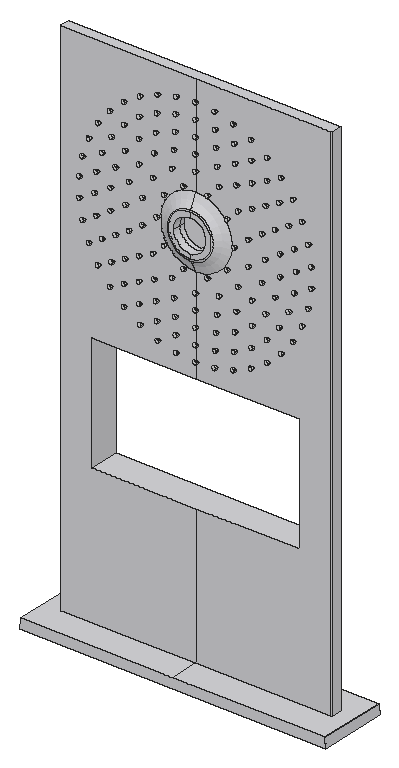
Revit family "Shower-Wall_Mount_Showerhead-KOHLER-BEITOU-K-72830T_1", category Plumbing Fixtures, host Face, Revit 2017
Family settings
  Host = Face
  Round Connector Dimension = Use Diameter
  Part Type = Normal
  OmniClass Number = 23.31.17.00
  Cut with Voids When Loaded = No
  Shared = No
  Room Calculation Point = No
Parameters (values of type "CP-Polished Chrome")
  Width = 12 103/256"  # constant formula
  WaterSense Certified = 1 = 0  # no
  Waste Water Outlet = "Waste Water Outlet"  # constant formula
  Waste Connection = 1 = 0  # no
  Vent Connection = 1 = 0  # no
  URL = "http://www.kohler.com.cn/"
  Type = 1
  Hot Water Inlet 2 = "Tempered Water Inlet 2"  # constant formula
  Hot Water Inlet 1 = "Tempered Water Inlet 1"  # constant formula
  Product Page URL = "https://www.kohler.com.cn/product/K-72830T-L-CP/K-72830T-L-CP/"
  Product Name = "BEITOU"  # constant formula
  Product Documentation Link = "https://files.kohler.com.cn/pdfs/ri-72830T.pdf"
  Pressure = 0.00 psi
  Panel Thickness = 0"
  Model = "K-72830T-L-CP"  # constant formula
  Material = "Premium Metal Construction"  # constant formula
  Master Format 2014 Name = "Residential Showers"  # constant formula
  Master Format 2014 = "22 42 23"  # constant formula
  Manufacturer Address = "Kohler Beijing Office (100016) 36-2-03-B, No. 88, Liuxiang Road, Beijing"  # constant formula
  Manufacturer = "KOHLER Co."  # constant formula
  Length = 21 41/64"  # constant formula
  Hot Water Inlet = "Tempered Water Inlet"  # constant formula
  Height = 2 97/128"  # constant formula
  HW Connection = 1 = 1  # yes
  Flow Rate = 0 GPM
  Finish = Kohler-Metal-CP-Polished_Chrome
  Environmental Product Declaration = ""
  Drain Included = 1 = 0  # no
  Description = "Manda multifunctional overhead shower"  # constant formula
  Default Elevation = 84"
  Declare Label = ""
  Date Modified = "09/28/2020"  # constant formula
  Date Created = "09/28/2020"  # constant formula
  Copyright = "Copyright KOHLER Co."  # constant formula
  Contact Us = "http://www.kohler.com.cn/contact/contact-us/"
  Cold Water Inlet = "Cold Water Inlet"  # constant formula
  CW Connection = 1 = 0  # no
  Assembly Code = "D2010700"
  ADA Compliant = 1 = 0  # no
Reference planes (in)
  plane 1 "Center (Front/Back)": y = 0
  plane 2: z = 0
  plane 3 "Center (Left/Right)": x = 0
  plane 4: z = 21.64062
  plane 5: x = -5.51181
  plane 6: x = 5.51181
  plane 7: x = -6.20079
  plane 8: x = 6.20156
  plane 9: y = -1.37857
  plane 10: y = 1.37924
  plane 11: y = 1.01446
  plane 12: x = -4.70472
  plane 13: y = 0.2388
  plane 14: y = -0.19427
  plane 15: y = -0.50222
  plane 16: x = 4.70472
  plane 17: y = -0.25591
  plane 18: z = 0.3937
  plane 19: z = 16.08268
  plane 20: x = -2.06693
  plane 21: x = 2.06693
Dimensions and locks (in)
  "Width": plane 7 to plane 8
  "Height": plane 10 to plane 9
  "Length": level to plane 4
  plane 5 to plane 6 = 11.02362"
  plane 20 to plane 3 "Center (Left/Right)" = 2.06693"
  plane 21 to plane 3 "Center (Left/Right)" = 2.06693"
  aligned and locked: plane 2 to host face
  aligned and locked: level to host face
Automatic sketch dimensions
  host sketch curve to host sketch curve = 96"  (x2)
Nested families (in)
  nested 1: "K-72830T" at (0, -0.00923, 0), type "K-72830T"
Connectors (in)
  piping at (2.06693, 0, 0), diameter 0.5, driven by "HW Connection", driven by "Hot Water Inlet 2", driven by "Flow Rate"
    settings: on nested 1, index 1, connector inside diameter 24", connector length 0", flow factor 0, pipe flow 0 GPM, pressure drop 0.00 psi, fitting loss kfactor 0, connector angle 0.00°, fixture units 0, engagement length 0", angle of deflection 0.00°, flow configuration 0, flow direction 1, fitting loss method 0, system type 19, joint type 0, gender type 0, connector reference index -1, connector utility 1, adjustable connector no, is connector primary yes, connector description "Tempered Water Inlet 2"
  piping at (0, 0, 0), diameter 0.5, driven by "HW Connection", driven by "Hot Water Inlet 1", driven by "Flow Rate"
    settings: on nested 1, index 2, connector inside diameter 24", connector length 0", flow factor 0, pipe flow 0 GPM, pressure drop 0.00 psi, fitting loss kfactor 0, connector angle 0.00°, fixture units 0, engagement length 0", angle of deflection 0.00°, flow configuration 0, flow direction 1, fitting loss method 0, system type 19, joint type 0, gender type 0, connector reference index -1, connector utility 1, adjustable connector no, is connector primary no, connector description "Tempered Water Inlet 1"
  piping at (-2.06693, 0, 0), diameter 0.5, driven by "HW Connection", driven by "Hot Water Inlet", driven by "Flow Rate"
    settings: on nested 1, index 3, connector inside diameter 24", connector length 0", flow factor 0, pipe flow 0 GPM, pressure drop 0.00 psi, fitting loss kfactor 0, connector angle 0.00°, fixture units 0, engagement length 0", angle of deflection 0.00°, flow configuration 0, flow direction 1, fitting loss method 0, system type 19, joint type 0, gender type 0, connector reference index -1, connector utility 1, adjustable connector no, is connector primary no, connector description "Tempered Water Inlet"
Definition of nested family "K-72830T"
  Parameters (values of type "K-72830T")
    Plastic = none
    Material = none
  Reference planes (in)
    plane 1 "Center (Front/Back)": y = 0.00923
    plane 2: z = 0
    plane 3 "Center (Left/Right)": x = 0
    plane 4: z = 21.64173
    plane 5: x = -5.51181
    plane 6: x = 5.51181
    plane 7: x = 6.20079
    plane 8: x = -6.20079
    plane 9: y = 1.38779
    plane 10: z = 16.08296
    plane 11: z = 16.08268
    plane 12: y = -1.36934
  Forms (in)
    Extrusion 1, solid, material <- "Material", detail levels medium+fine
      sketch origin (0, 0.00923, 0) x (1, 0, 0) y (0, 0, 1)
        loop
          line (6.20079, 0) -> (6.18113, 0.37505)
          arc (6.18113, 0.37505) -> (6.17458, 0.38872) -> (6.16026, 0.3937) r 0.01972
          line (6.16026, 0.3937) -> (0, 0.3937) -> (-6.16026, 0.3937)
          arc (-6.16026, 0.3937) -> (-6.17458, 0.38872) -> (-6.18113, 0.37505) r 0.01972
          line (-6.18113, 0.37505) -> (-6.20079, 0) -> (6.20079, 0)
      from -1.37088 to 1.37857
    Extrusion 2, solid, material <- "Material", detail levels medium+fine
      sketch origin (0, 0, 0) x (1, 0, 0) y (0, 1, 0)
        loop
          line (-5.51181, 0.24803) -> (-5.51181, -0.14707)
          arc (-5.51181, -0.14707) -> (-5.50069, -0.17392) -> (-5.47384, -0.18504) r 0.03797
          line (-5.47384, -0.18504) -> (0, -0.18504) -> (5.47384, -0.18504)
          arc (5.47384, -0.18504) -> (5.50069, -0.17392) -> (5.51181, -0.14707) r 0.03797
          line (5.51181, -0.14707) -> (5.51181, 0.24803) -> (0, 0.24803) -> (-5.51181, 0.24803)
      from 0.3937 to 21.64173
    Extrusion 3, solid, material <- "Material", detail levels medium+fine
      sketch origin (0, 0, 0) x (0, 1, 0) y (0, 0, 1)
        loop
          line (0.24803, 0.3937) -> (1.02369, 0.3937) -> (1.02369, 17.86403)
          arc (1.02369, 17.86403) -> (1.01423, 18.24509) -> (0.98586, 18.62522) r 7.67735
          arc (0.98586, 18.62522) -> (0.73191, 19.96935) -> (0.24803, 21.24882) r 7.83393
          line (0.24803, 21.24882) -> (0.24803, 0.3937)
      from -4.70472 to 4.70472
    Extrusion 4, solid, material <- "Plastic", detail levels medium+fine
      sketch origin (0, 0.00923, 0) x (1, 0, 0) y (0, 0, 1)
        loop
          circle (-0.77745, 20.74254) r 0.07491
        loop
          circle (-1.53531, 20.55205) r 0.07491
        loop
          circle (-2.24822, 20.2384) r 0.07491
        loop
          circle (-2.90859, 19.80955) r 0.07491
        loop
          circle (-3.47559, 19.28081) r 0.07491
        loop
          circle (-3.95509, 18.66708) r 0.07491
        loop
          circle (-4.32661, 17.98021) r 0.07491
        loop
          circle (-4.58075, 17.24214) r 0.07491
        loop
          circle (-4.70752, 16.47311) r 0.07491
        loop
          circle (-4.01626, 16.88205) r 0.07491
        loop
          circle (-3.78161, 17.64958) r 0.07491
        loop
          circle (-3.40432, 18.35915) r 0.07491
        loop
          circle (-2.89624, 18.97687) r 0.07491
        loop
          circle (-2.27493, 19.48723) r 0.07491
        loop
          circle (-1.56751, 19.86338) r 0.07491
        loop
          circle (-0.79975, 20.09811) r 0.07491
        loop
          circle (-0.82845, 19.44675) r 0.07491
        loop
          circle (-1.60943, 19.14697) r 0.07491
        loop
          circle (-2.29637, 18.67526) r 0.07491
        loop
          circle (-2.85138, 18.05231) r 0.07491
        loop
          circle (-3.23901, 17.3106) r 0.07491
        loop
          circle (-3.44095, 16.50067) r 0.07491
        loop
          circle (-2.69791, 16.96498) r 0.07491
        loop
          circle (-2.29357, 17.75042) r 0.07491
        loop
          circle (-1.66644, 18.37755) r 0.07491
        loop
          circle (-0.87595, 18.78032) r 0.07491
        loop
          circle (-0.48739, 17.58445) r 0.07491
        loop
          circle (-0.9553, 18.06899) r 0.07491
        loop
          circle (-1.72457, 17.455) r 0.07491
        loop
          circle (-1.27535, 17.00578) r 0.07491
        loop
          circle (-2.15155, 16.57843) r 0.07491
        loop
          circle (-0.77745, 11.42337) r 0.07491
        loop
          circle (-1.53531, 11.61386) r 0.07491
        loop
          circle (-2.24822, 11.92752) r 0.07491
        loop
          circle (-2.90859, 12.35637) r 0.07491
        loop
          circle (-3.47559, 12.88511) r 0.07491
        loop
          circle (-3.95509, 13.49884) r 0.07491
        loop
          circle (-4.32661, 14.18571) r 0.07491
        loop
          circle (-4.58075, 14.92377) r 0.07491
        loop
          circle (-4.70752, 15.6928) r 0.07491
        loop
          circle (-4.01626, 15.28387) r 0.07491
        loop
          circle (-3.78161, 14.51634) r 0.07491
        loop
          circle (-3.40432, 13.80677) r 0.07491
        loop
          circle (-2.89624, 13.18904) r 0.07491
        loop
          circle (-2.27493, 12.67869) r 0.07491
        loop
          circle (-1.56751, 12.30254) r 0.07491
        loop
          circle (-0.79975, 12.06781) r 0.07491
        loop
          circle (-0.82845, 12.71916) r 0.07491
        loop
          circle (-1.60943, 13.01895) r 0.07491
        loop
          circle (-2.29637, 13.49066) r 0.07491
        loop
          circle (-2.85138, 14.1136) r 0.07491
        loop
          circle (-3.23901, 14.85531) r 0.07491
        loop
          circle (-3.44095, 15.66524) r 0.07491
        loop
          circle (-2.69791, 15.20094) r 0.07491
        loop
          circle (-2.29357, 14.4155) r 0.07491
        loop
          circle (-1.66644, 13.78837) r 0.07491
        loop
          circle (-0.87595, 13.38559) r 0.07491
        loop
          circle (-0.48739, 14.58147) r 0.07491
        loop
          circle (-0.9553, 14.09693) r 0.07491
        loop
          circle (-1.72457, 14.71092) r 0.07491
        loop
          circle (-1.27535, 15.16014) r 0.07491
        loop
          circle (-2.15155, 15.58749) r 0.07491
        loop
          circle (0.77745, 20.74254) r 0.07491
        loop
          circle (1.53531, 20.55205) r 0.07491
        loop
          circle (2.24822, 20.2384) r 0.07491
        loop
          circle (2.90859, 19.80955) r 0.07491
        loop
          circle (3.47559, 19.28081) r 0.07491
        loop
          circle (3.95509, 18.66708) r 0.07491
        loop
          circle (4.32661, 17.98021) r 0.07491
        loop
          circle (4.58075, 17.24214) r 0.07491
        loop
          circle (4.70752, 16.47311) r 0.07491
        loop
          circle (4.01626, 16.88205) r 0.07491
        loop
          circle (3.78161, 17.64958) r 0.07491
        loop
          circle (3.40432, 18.35915) r 0.07491
        loop
          circle (2.89624, 18.97687) r 0.07491
        loop
          circle (2.27493, 19.48723) r 0.07491
        loop
          circle (1.56751, 19.86338) r 0.07491
        loop
          circle (0.79975, 20.09811) r 0.07491
        loop
          circle (0.82845, 19.44675) r 0.07491
        loop
          circle (1.60943, 19.14697) r 0.07491
        loop
          circle (2.29637, 18.67526) r 0.07491
        loop
          circle (2.85138, 18.05231) r 0.07491
        loop
          circle (3.23901, 17.3106) r 0.07491
        loop
          circle (3.44095, 16.50067) r 0.07491
        loop
          circle (2.69791, 16.96498) r 0.07491
        loop
          circle (2.29357, 17.75042) r 0.07491
        loop
          circle (1.66644, 18.37755) r 0.07491
        loop
          circle (0.87595, 18.78032) r 0.07491
        loop
          circle (0.48739, 17.58445) r 0.07491
        loop
          circle (0.9553, 18.06899) r 0.07491
        loop
          circle (1.72457, 17.455) r 0.07491
        loop
          circle (1.27535, 17.00578) r 0.07491
        loop
          circle (2.15155, 16.57843) r 0.07491
        loop
          circle (0.77745, 11.42337) r 0.07491
        loop
          circle (1.53531, 11.61386) r 0.07491
        loop
          circle (2.24822, 11.92752) r 0.07491
        loop
          circle (2.90859, 12.35637) r 0.07491
        loop
          circle (3.47559, 12.88511) r 0.07491
        loop
          circle (3.95509, 13.49884) r 0.07491
        loop
          circle (4.32661, 14.18571) r 0.07491
        loop
          circle (4.58075, 14.92377) r 0.07491
        loop
          circle (4.70752, 15.6928) r 0.07491
        loop
          circle (4.01626, 15.28387) r 0.07491
        loop
          circle (3.78161, 14.51634) r 0.07491
        loop
          circle (3.40432, 13.80677) r 0.07491
        loop
          circle (2.89624, 13.18904) r 0.07491
        loop
          circle (2.27493, 12.67869) r 0.07491
        loop
          circle (1.56751, 12.30254) r 0.07491
        loop
          circle (0.79975, 12.06781) r 0.07491
        loop
          circle (0.82845, 12.71916) r 0.07491
        loop
          circle (1.60943, 13.01895) r 0.07491
        loop
          circle (2.29637, 13.49066) r 0.07491
        loop
          circle (2.85138, 14.1136) r 0.07491
        loop
          circle (3.23901, 14.85531) r 0.07491
        loop
          circle (3.44095, 15.66524) r 0.07491
        loop
          circle (2.69791, 15.20094) r 0.07491
        loop
          circle (2.29357, 14.4155) r 0.07491
        loop
          circle (1.66644, 13.78837) r 0.07491
        loop
          circle (0.87595, 13.38559) r 0.07491
        loop
          circle (0.48739, 14.58147) r 0.07491
        loop
          circle (0.9553, 14.09693) r 0.07491
        loop
          circle (1.72457, 14.71092) r 0.07491
        loop
          circle (1.27535, 15.16014) r 0.07491
        loop
          circle (2.15155, 15.58749) r 0.07491
        loop
          circle (0, 20.81056) r 0.07491
        loop
          circle (0, 20.17532) r 0.07491
        loop
          circle (0, 19.54645) r 0.07491
        loop
          circle (0, 18.92005) r 0.07491
        loop
          circle (0, 18.2888) r 0.07491
        loop
          circle (0, 13.8733) r 0.07491
        loop
          circle (0, 13.24789) r 0.07491
        loop
          circle (0, 12.61438) r 0.07491
        loop
          circle (0, 11.98547) r 0.07491
        loop
          circle (0, 11.35635) r 0.07491
        loop
          circle (-1.57383, 16.08296) r 0.07491
        loop
          circle (-2.83433, 16.08296) r 0.07491
        loop
          circle (-4.09382, 16.08296) r 0.07491
        loop
          circle (1.57362, 16.08296) r 0.07491
        loop
          circle (2.83377, 16.08296) r 0.07491
        loop
          circle (4.09486, 16.08296) r 0.07491
      from 0.25591 to -0.21654
    Extrusion 5, void
      sketch origin (0, 0.00923, 0) x (1, 0, 0) y (0, 0, 1)
        loop
          line (4.2126, 10.74803) -> (-4.2126, 10.74803) -> (-4.2126, 6.02362) -> (4.2126, 6.02362) -> (4.2126, 10.74803)
      from -14.07706 to 17.71376
    Revolve 6, solid, material <- "Material", detail levels medium+fine
      sketch origin (0, 0, 0) x (0, 1, 0) y (0, 0, 1)
        loop
          line (-0.49299, 16.08268) -> (-0.49299, 15.21486)
          arc (-0.49299, 15.21486) -> (-0.48799, 15.18587) -> (-0.47358, 15.16022) r 0.08661
          arc (-0.47358, 15.16022) -> (-0.27387, 14.85117) -> (-0.14566, 14.50626) r 1.6929
          line (-0.14566, 14.50626) -> (-0.14566, 16.08268) -> (-0.49299, 16.08268)
        axis (-0.14566, 16.08268) -> (-0.49299, 16.08268)
      angle from 0 to 360
    Extrusion 7, void
      sketch origin (0, 0.00923, 0) x (1, 0, 0) y (0, 0, 1)
        loop
          circle (0, 16.08268) r 0.65579
      from 0 to 9.84252
    Extrusion 8, solid, material <- "Material", detail levels coarse
      sketch origin (0, 0, 0) x (1, 0, 0) y (0, 1, 0)
        loop
          line (-6.20079, 1.62598) -> (-6.20079, -1.60753) -> (6.20079, -1.60753) -> (6.20079, 1.62598) -> (-6.20079, 1.62598)
      from 0 to 0.61599
    Extrusion 9, solid, material <- "Material", detail levels coarse
      sketch origin (0, 0, 0) x (1, 0, 0) y (0, 1, 0)
        loop
          line (0, 0.44488) -> (-5.70866, 0.44488) -> (-5.70866, -0.34252) -> (0, -0.34252) -> (5.70866, -0.34252) -> (5.70866, 0.44488) -> (0, 0.44488)
      from 0 to 22.42903
    Extrusion 10, solid, material <- "Material", detail levels coarse
      sketch origin (0, 0, 0) x (1, 0, 0) y (0, 1, 0)
        loop
          line (-4.90157, 0.24803) -> (4.90157, 0.24803) -> (4.90157, 1.23228) -> (0, 1.23228) -> (-4.90157, 1.23228) -> (-4.90157, 0.24803)
      from 0 to 20.70887
    Extrusion 11, solid, material <- "Material", detail levels medium+fine
      sketch origin (0, 0, 0) x (1, 0, 0) y (0, 1, 0)
        loop
          circle (0, 0.00923) r 0.25
        loop
          circle (-2.06693, 0.00923) r 0.25
        loop
          circle (2.06693, 0.00923) r 0.25
      from 0 to 0.2895
  Cuts and joins
    Extrusion 5, Extrusion 7 cuts Extrusion 2
    Extrusion 5 cuts Extrusion 3
    Extrusion 7 cuts Revolve 6
    joined: Extrusion 1, Extrusion 2, Extrusion 3, Revolve 6
    Extrusion 5 cuts Extrusion 9
    Extrusion 5 cuts Extrusion 10
    joined: Extrusion 8, Extrusion 9, Extrusion 10
  Lines and regions (in)
    Masking region 1
      outline origin (0, 0.00923, 0) x (1, 0, 0) y (0, 0, 1)
        loop
          line (0, 0) -> (6.20079, 0) -> (6.18113, 0.37505)
          arc (6.18113, 0.37505) -> (6.17458, 0.38872) -> (6.16026, 0.3937) r 0.01972
          line (6.16026, 0.3937) -> (5.51181, 0.3937) -> (5.51181, 21.64173) -> (0, 21.64173) -> (-5.51181, 21.64173) -> (-5.51181, 0.3937) -> (-6.16026, 0.3937)
          arc (-6.16026, 0.3937) -> (-6.17458, 0.38872) -> (-6.18113, 0.37505) r 0.01972
          line (-6.18113, 0.37505) -> (-6.20079, 0) -> (0, 0)
        loop
          line (-4.2126, 10.74803) -> (-4.2126, 6.02362) -> (-4.01575, 6.02362) -> (-4.01575, 6.22047) -> (4.01575, 6.22047) -> (4.01575, 6.02362) -> (4.2126, 6.02362) -> (4.2126, 10.74803) -> (-4.2126, 10.74803)
    Masking region 2
      outline origin (0, 0, 0) x (0, 1, 0) y (0, 0, 1)
        loop
          line (0.01692, 0) -> (1.38779, 0) -> (1.38779, 0.39374) -> (1.02358, 0.39374) -> (1.02358, 17.8221)
          arc (1.02358, 17.8221) -> (1.01524, 18.22415) -> (0.98586, 18.62522) r 7.67735
          arc (0.98586, 18.62522) -> (0.73191, 19.96935) -> (0.24803, 21.24882) r 7.83393
          line (0.24803, 21.24882) -> (0.24803, 21.64173) -> (-0.18504, 21.64173) -> (-0.18504, 20.88518) -> (-0.24668, 20.88518) -> (-0.24668, 20.66764) -> (-0.18496, 20.66764) -> (-0.18496, 20.62695) -> (-0.24668, 20.62695) -> (-0.24668, 20.47715) -> (-0.18499, 20.47715) -> (-0.18499, 20.31409) -> (-0.24668, 20.31409) -> (-0.24668, 20.0232) -> (-0.18485, 20.0232) -> (-0.18485, 19.93849) -> (-0.24668, 19.93849) -> (-0.24668, 19.88445) -> (-0.24668, 19.73464) -> (-0.18485, 19.73464) -> (-0.18485, 19.62236) -> (-0.24668, 19.62236) -> (-0.24668, 19.35572) -> (-0.24668, 18.59217) -> (-0.18622, 18.59217) -> (-0.18622, 18.45288) -> (-0.24668, 18.45288) -> (-0.24668, 18.21389) -> (-0.18453, 18.21389) -> (-0.18453, 18.14407) -> (-0.24668, 18.14407) -> (-0.24668, 17.9053) -> (-0.18453, 17.9053) -> (-0.18453, 17.82527) -> (-0.24668, 17.82527) -> (-0.24668, 17.37587)
          arc (-0.24668, 17.37587) -> (-0.30599, 17.25877) -> (-0.37305, 17.14594) r 1.9493
          arc (-0.37305, 17.14594) -> (-0.42327, 17.07239) -> (-0.47771, 17.00189) r 1.52458
          arc (-0.47771, 17.00189) -> (-0.49267, 16.97176) -> (-0.49298, 16.93812) r 0.07513
          line (-0.49298, 16.93812) -> (-0.49298, 16.08268) -> (-0.49298, 15.22322)
          arc (-0.49298, 15.22322) -> (-0.4914, 15.19162) -> (-0.47694, 15.16347) r 0.07513
          arc (-0.47694, 15.16347) -> (-0.4225, 15.09297) -> (-0.37228, 15.01942) r 1.52458
          arc (-0.37228, 15.01942) -> (-0.30566, 14.90738) -> (-0.24668, 14.79114) r 1.9493
          line (-0.24668, 14.79114) -> (-0.24668, 14.34059) -> (-0.18509, 14.34059) -> (-0.18509, 14.26022) -> (-0.24668, 14.26022) -> (-0.24668, 14.02202) -> (-0.18509, 14.02202) -> (-0.18509, 13.94838) -> (-0.24668, 13.94838) -> (-0.24668, 13.71346) -> (-0.18501, 13.71346) -> (-0.18501, 13.57402) -> (-0.24668, 13.57402) -> (-0.24668, 11.85261) -> (-0.18543, 11.85261) -> (-0.18543, 11.68881) -> (-0.24668, 11.68881) -> (-0.24668, 11.53896) -> (-0.18543, 11.53896) -> (-0.18543, 11.49801) -> (-0.24668, 11.49801) -> (-0.24668, 11.28144) -> (-0.18543, 11.28144) -> (-0.18543, 0.39374) -> (-1.36934, 0.39374) -> (-1.36934, 0) -> (0.01692, 0)
    Masking region 3
      outline origin (0, 0, 0) x (1, 0, 0) y (0, 1, 0)
        loop
          line (0, 1.38779) -> (-6.20079, 1.38779) -> (-6.20079, 0.00154) -> (-6.20079, -1.36934) -> (0, -1.36934) -> (6.20079, -1.36934) -> (6.20079, 0.00154) -> (6.20079, 1.38779) -> (0, 1.38779)
    symbolic lines, detail levels medium+fine
      curve 1: line (0, 0.00923, 0.3937) -> (-6.16026, 0.00923, 0.3937)
      curve 2: line (6.16026, 0.00923, 0.3937) -> (0, 0.00923, 0.3937)
      curve 3: line (-4.01575, 0.00923, 6.02362) -> (4.01575, 0.00923, 6.02362)
      curve 4: arc (-0.85236, 0.00923, 11.42337) -> (-0.77745, 0.00923, 11.34847) -> (-0.70254, 0.00923, 11.42337) r 0.07491
      curve 5: arc (-0.70254, 0.00923, 11.42337) -> (-0.77745, 0.00923, 11.49828) -> (-0.85236, 0.00923, 11.42337) r 0.07491
      curve 6: arc (-1.61022, 0.00923, 11.61386) -> (-1.53531, 0.00923, 11.53896) -> (-1.4604, 0.00923, 11.61386) r 0.07491
      curve 7: arc (-1.4604, 0.00923, 11.61386) -> (-1.53531, 0.00923, 11.68877) -> (-1.61022, 0.00923, 11.61386) r 0.07491
      curve 8: arc (-2.32313, 0.00923, 11.92752) -> (-2.24822, 0.00923, 11.85261) -> (-2.17331, 0.00923, 11.92752) r 0.07491
      curve 9: arc (-2.17331, 0.00923, 11.92752) -> (-2.24822, 0.00923, 12.00243) -> (-2.32313, 0.00923, 11.92752) r 0.07491
      curve 10: arc (-2.9835, 0.00923, 12.35637) -> (-2.90859, 0.00923, 12.28146) -> (-2.83368, 0.00923, 12.35637) r 0.07491
      curve 11: arc (-2.83368, 0.00923, 12.35637) -> (-2.90859, 0.00923, 12.43128) -> (-2.9835, 0.00923, 12.35637) r 0.07491
      curve 12: arc (-3.5505, 0.00923, 12.88511) -> (-3.47559, 0.00923, 12.8102) -> (-3.40068, 0.00923, 12.88511) r 0.07491
      curve 13: arc (-3.40068, 0.00923, 12.88511) -> (-3.47559, 0.00923, 12.96002) -> (-3.5505, 0.00923, 12.88511) r 0.07491
      curve 14: arc (-4.03, 0.00923, 13.49884) -> (-3.95509, 0.00923, 13.42393) -> (-3.88018, 0.00923, 13.49884) r 0.07491
      curve 15: arc (-3.88018, 0.00923, 13.49884) -> (-3.95509, 0.00923, 13.57375) -> (-4.03, 0.00923, 13.49884) r 0.07491
      curve 16: arc (-4.40152, 0.00923, 14.18571) -> (-4.32661, 0.00923, 14.1108) -> (-4.25171, 0.00923, 14.18571) r 0.07491
      curve 17: arc (-4.25171, 0.00923, 14.18571) -> (-4.32661, 0.00923, 14.26062) -> (-4.40152, 0.00923, 14.18571) r 0.07491
      curve 18: arc (-4.65566, 0.00923, 14.92377) -> (-4.58075, 0.00923, 14.84887) -> (-4.50584, 0.00923, 14.92377) r 0.07491
      curve 19: arc (-4.50584, 0.00923, 14.92377) -> (-4.58075, 0.00923, 14.99868) -> (-4.65566, 0.00923, 14.92377) r 0.07491
      curve 20: arc (-4.78243, 0.00923, 15.6928) -> (-4.70752, 0.00923, 15.6179) -> (-4.63261, 0.00923, 15.6928) r 0.07491
      curve 21: arc (-4.63261, 0.00923, 15.6928) -> (-4.70752, 0.00923, 15.76771) -> (-4.78243, 0.00923, 15.6928) r 0.07491
      curve 22: arc (-3.94136, 0.00923, 15.28387) -> (-4.01626, 0.00923, 15.35878) -> (-4.09117, 0.00923, 15.28387) r 0.07491
      curve 23: arc (-4.09117, 0.00923, 15.28387) -> (-4.01626, 0.00923, 15.20896) -> (-3.94136, 0.00923, 15.28387) r 0.07491
      curve 24: arc (-3.36604, 0.00923, 15.66524) -> (-3.44095, 0.00923, 15.74015) -> (-3.51586, 0.00923, 15.66524) r 0.07491
      curve 25: arc (-3.51586, 0.00923, 15.66524) -> (-3.44095, 0.00923, 15.59034) -> (-3.36604, 0.00923, 15.66524) r 0.07491
      curve 26: arc (-3.7067, 0.00923, 14.51634) -> (-3.78161, 0.00923, 14.59125) -> (-3.85651, 0.00923, 14.51634) r 0.07491
      curve 27: arc (-3.85651, 0.00923, 14.51634) -> (-3.78161, 0.00923, 14.44143) -> (-3.7067, 0.00923, 14.51634) r 0.07491
      curve 28: arc (-3.1641, 0.00923, 14.85531) -> (-3.23901, 0.00923, 14.93022) -> (-3.31392, 0.00923, 14.85531) r 0.07491
      curve 29: arc (-3.31392, 0.00923, 14.85531) -> (-3.23901, 0.00923, 14.78041) -> (-3.1641, 0.00923, 14.85531) r 0.07491
      curve 30: arc (-2.623, 0.00923, 15.20094) -> (-2.69791, 0.00923, 15.27585) -> (-2.77282, 0.00923, 15.20094) r 0.07491
      curve 31: arc (-2.77282, 0.00923, 15.20094) -> (-2.69791, 0.00923, 15.12603) -> (-2.623, 0.00923, 15.20094) r 0.07491
      curve 32: arc (-2.07665, 0.00923, 15.58749) -> (-2.15155, 0.00923, 15.6624) -> (-2.22646, 0.00923, 15.58749) r 0.07491
      curve 33: arc (-2.22646, 0.00923, 15.58749) -> (-2.15155, 0.00923, 15.51258) -> (-2.07665, 0.00923, 15.58749) r 0.07491
      curve 34: arc (-3.47923, 0.00923, 13.80677) -> (-3.40432, 0.00923, 13.73186) -> (-3.32941, 0.00923, 13.80677) r 0.07491
      curve 35: arc (-3.32941, 0.00923, 13.80677) -> (-3.40432, 0.00923, 13.88167) -> (-3.47923, 0.00923, 13.80677) r 0.07491
      curve 36: arc (-2.92629, 0.00923, 14.1136) -> (-2.85138, 0.00923, 14.0387) -> (-2.77647, 0.00923, 14.1136) r 0.07491
      curve 37: arc (-2.77647, 0.00923, 14.1136) -> (-2.85138, 0.00923, 14.18851) -> (-2.92629, 0.00923, 14.1136) r 0.07491
      curve 38: arc (-2.36848, 0.00923, 14.4155) -> (-2.29357, 0.00923, 14.34059) -> (-2.21866, 0.00923, 14.4155) r 0.07491
      curve 39: arc (-2.21866, 0.00923, 14.4155) -> (-2.29357, 0.00923, 14.49041) -> (-2.36848, 0.00923, 14.4155) r 0.07491
      curve 40: arc (-1.79947, 0.00923, 14.71092) -> (-1.72457, 0.00923, 14.63601) -> (-1.64966, 0.00923, 14.71092) r 0.07491
      curve 41: arc (-1.64966, 0.00923, 14.71092) -> (-1.72457, 0.00923, 14.78583) -> (-1.79947, 0.00923, 14.71092) r 0.07491
      curve 42: arc (-1.35026, 0.00923, 15.16014) -> (-1.27535, 0.00923, 15.08523) -> (-1.20044, 0.00923, 15.16014) r 0.07491
      curve 43: arc (-1.20044, 0.00923, 15.16014) -> (-1.27535, 0.00923, 15.23504) -> (-1.35026, 0.00923, 15.16014) r 0.07491
      curve 44: arc (-0.56229, 0.00923, 14.58147) -> (-0.48739, 0.00923, 14.50656) -> (-0.41248, 0.00923, 14.58147) r 0.07491
      curve 45: arc (-0.41248, 0.00923, 14.58147) -> (-0.48739, 0.00923, 14.65638) -> (-0.56229, 0.00923, 14.58147) r 0.07491
      curve 46: arc (-1.03021, 0.00923, 14.09693) -> (-0.9553, 0.00923, 14.02202) -> (-0.88039, 0.00923, 14.09693) r 0.07491
      curve 47: arc (-0.88039, 0.00923, 14.09693) -> (-0.9553, 0.00923, 14.17184) -> (-1.03021, 0.00923, 14.09693) r 0.07491
      curve 48: arc (-1.74134, 0.00923, 13.78837) -> (-1.66644, 0.00923, 13.71346) -> (-1.59153, 0.00923, 13.78837) r 0.07491
      curve 49: arc (-1.59153, 0.00923, 13.78837) -> (-1.66644, 0.00923, 13.86327) -> (-1.74134, 0.00923, 13.78837) r 0.07491
      curve 50: arc (-2.37128, 0.00923, 13.49066) -> (-2.29637, 0.00923, 13.41575) -> (-2.22147, 0.00923, 13.49066) r 0.07491
      curve 51: arc (-2.22147, 0.00923, 13.49066) -> (-2.29637, 0.00923, 13.56557) -> (-2.37128, 0.00923, 13.49066) r 0.07491
      curve 52: arc (-2.97115, 0.00923, 13.18904) -> (-2.89624, 0.00923, 13.11414) -> (-2.82134, 0.00923, 13.18904) r 0.07491
      curve 53: arc (-2.82134, 0.00923, 13.18904) -> (-2.89624, 0.00923, 13.26395) -> (-2.97115, 0.00923, 13.18904) r 0.07491
      curve 54: arc (-2.34984, 0.00923, 12.67869) -> (-2.27493, 0.00923, 12.60378) -> (-2.20002, 0.00923, 12.67869) r 0.07491
      curve 55: arc (-2.20002, 0.00923, 12.67869) -> (-2.27493, 0.00923, 12.75359) -> (-2.34984, 0.00923, 12.67869) r 0.07491
      curve 56: arc (-1.68433, 0.00923, 13.01895) -> (-1.60943, 0.00923, 12.94404) -> (-1.53452, 0.00923, 13.01895) r 0.07491
      curve 57: arc (-1.53452, 0.00923, 13.01895) -> (-1.60943, 0.00923, 13.09386) -> (-1.68433, 0.00923, 13.01895) r 0.07491
      curve 58: arc (-0.95086, 0.00923, 13.38559) -> (-0.87595, 0.00923, 13.31069) -> (-0.80104, 0.00923, 13.38559) r 0.07491
      curve 59: arc (-0.80104, 0.00923, 13.38559) -> (-0.87595, 0.00923, 13.4605) -> (-0.95086, 0.00923, 13.38559) r 0.07491
      curve 60: arc (-0.90336, 0.00923, 12.71916) -> (-0.82845, 0.00923, 12.64426) -> (-0.75355, 0.00923, 12.71916) r 0.07491
      curve 61: arc (-0.75355, 0.00923, 12.71916) -> (-0.82845, 0.00923, 12.79407) -> (-0.90336, 0.00923, 12.71916) r 0.07491
      curve 62: arc (-1.64242, 0.00923, 12.30254) -> (-1.56751, 0.00923, 12.22763) -> (-1.4926, 0.00923, 12.30254) r 0.07491
      curve 63: arc (-1.4926, 0.00923, 12.30254) -> (-1.56751, 0.00923, 12.37745) -> (-1.64242, 0.00923, 12.30254) r 0.07491
      curve 64: arc (-0.87465, 0.00923, 12.06781) -> (-0.79975, 0.00923, 11.9929) -> (-0.72484, 0.00923, 12.06781) r 0.07491
      curve 65: arc (-0.72484, 0.00923, 12.06781) -> (-0.79975, 0.00923, 12.14272) -> (-0.87465, 0.00923, 12.06781) r 0.07491
      curve 66: arc (-0.85236, 0.00923, 20.74198) -> (-0.77745, 0.00923, 20.81689) -> (-0.70254, 0.00923, 20.74198) r 0.07491
      curve 67: arc (-0.70254, 0.00923, 20.74198) -> (-0.77745, 0.00923, 20.66708) -> (-0.85236, 0.00923, 20.74198) r 0.07491
      curve 68: arc (-1.61022, 0.00923, 20.55149) -> (-1.53531, 0.00923, 20.6264) -> (-1.4604, 0.00923, 20.55149) r 0.07491
      curve 69: arc (-1.4604, 0.00923, 20.55149) -> (-1.53531, 0.00923, 20.47659) -> (-1.61022, 0.00923, 20.55149) r 0.07491
      curve 70: arc (-2.32313, 0.00923, 20.23784) -> (-2.24822, 0.00923, 20.31274) -> (-2.17331, 0.00923, 20.23784) r 0.07491
      curve 71: arc (-2.17331, 0.00923, 20.23784) -> (-2.24822, 0.00923, 20.16293) -> (-2.32313, 0.00923, 20.23784) r 0.07491
      curve 72: arc (-2.9835, 0.00923, 19.80899) -> (-2.90859, 0.00923, 19.88389) -> (-2.83368, 0.00923, 19.80899) r 0.07491
      curve 73: arc (-2.83368, 0.00923, 19.80899) -> (-2.90859, 0.00923, 19.73408) -> (-2.9835, 0.00923, 19.80899) r 0.07491
      curve 74: arc (-3.5505, 0.00923, 19.28025) -> (-3.47559, 0.00923, 19.35516) -> (-3.40068, 0.00923, 19.28025) r 0.07491
      curve 75: arc (-3.40068, 0.00923, 19.28025) -> (-3.47559, 0.00923, 19.20534) -> (-3.5505, 0.00923, 19.28025) r 0.07491
      curve 76: arc (-4.03, 0.00923, 18.66652) -> (-3.95509, 0.00923, 18.74143) -> (-3.88018, 0.00923, 18.66652) r 0.07491
      curve 77: arc (-3.88018, 0.00923, 18.66652) -> (-3.95509, 0.00923, 18.59161) -> (-4.03, 0.00923, 18.66652) r 0.07491
      curve 78: arc (-4.40152, 0.00923, 17.97965) -> (-4.32661, 0.00923, 18.05456) -> (-4.25171, 0.00923, 17.97965) r 0.07491
      curve 79: arc (-4.25171, 0.00923, 17.97965) -> (-4.32661, 0.00923, 17.90474) -> (-4.40152, 0.00923, 17.97965) r 0.07491
      curve 80: arc (-4.65566, 0.00923, 17.24158) -> (-4.58075, 0.00923, 17.31649) -> (-4.50584, 0.00923, 17.24158) r 0.07491
      curve 81: arc (-4.50584, 0.00923, 17.24158) -> (-4.58075, 0.00923, 17.16668) -> (-4.65566, 0.00923, 17.24158) r 0.07491
      curve 82: arc (-4.78243, 0.00923, 16.47255) -> (-4.70752, 0.00923, 16.54746) -> (-4.63261, 0.00923, 16.47255) r 0.07491
      curve 83: arc (-4.63261, 0.00923, 16.47255) -> (-4.70752, 0.00923, 16.39765) -> (-4.78243, 0.00923, 16.47255) r 0.07491
      curve 84: arc (-3.94136, 0.00923, 16.88149) -> (-4.01626, 0.00923, 16.80658) -> (-4.09117, 0.00923, 16.88149) r 0.07491
      curve 85: arc (-4.09117, 0.00923, 16.88149) -> (-4.01626, 0.00923, 16.9564) -> (-3.94136, 0.00923, 16.88149) r 0.07491
      curve 86: arc (-3.36604, 0.00923, 16.50011) -> (-3.44095, 0.00923, 16.42521) -> (-3.51586, 0.00923, 16.50011) r 0.07491
      curve 87: arc (-3.51586, 0.00923, 16.50011) -> (-3.44095, 0.00923, 16.57502) -> (-3.36604, 0.00923, 16.50011) r 0.07491
      curve 88: arc (-3.7067, 0.00923, 17.64902) -> (-3.78161, 0.00923, 17.57411) -> (-3.85651, 0.00923, 17.64902) r 0.07491
      curve 89: arc (-3.85651, 0.00923, 17.64902) -> (-3.78161, 0.00923, 17.72393) -> (-3.7067, 0.00923, 17.64902) r 0.07491
      curve 90: arc (-3.1641, 0.00923, 17.31004) -> (-3.23901, 0.00923, 17.23514) -> (-3.31392, 0.00923, 17.31004) r 0.07491
      curve 91: arc (-3.31392, 0.00923, 17.31004) -> (-3.23901, 0.00923, 17.38495) -> (-3.1641, 0.00923, 17.31004) r 0.07491
      curve 92: arc (-2.623, 0.00923, 16.96442) -> (-2.69791, 0.00923, 16.88951) -> (-2.77282, 0.00923, 16.96442) r 0.07491
      curve 93: arc (-2.77282, 0.00923, 16.96442) -> (-2.69791, 0.00923, 17.03933) -> (-2.623, 0.00923, 16.96442) r 0.07491
      curve 94: arc (-2.07665, 0.00923, 16.57787) -> (-2.15155, 0.00923, 16.50296) -> (-2.22646, 0.00923, 16.57787) r 0.07491
      curve 95: arc (-2.22646, 0.00923, 16.57787) -> (-2.15155, 0.00923, 16.65278) -> (-2.07665, 0.00923, 16.57787) r 0.07491
      curve 96: arc (-3.47923, 0.00923, 18.35859) -> (-3.40432, 0.00923, 18.4335) -> (-3.32941, 0.00923, 18.35859) r 0.07491
      curve 97: arc (-3.32941, 0.00923, 18.35859) -> (-3.40432, 0.00923, 18.28368) -> (-3.47923, 0.00923, 18.35859) r 0.07491
      curve 98: arc (-2.92629, 0.00923, 18.05175) -> (-2.85138, 0.00923, 18.12666) -> (-2.77647, 0.00923, 18.05175) r 0.07491
      curve 99: arc (-2.77647, 0.00923, 18.05175) -> (-2.85138, 0.00923, 17.97685) -> (-2.92629, 0.00923, 18.05175) r 0.07491
      curve 100: arc (-2.36848, 0.00923, 17.74986) -> (-2.29357, 0.00923, 17.82476) -> (-2.21866, 0.00923, 17.74986) r 0.07491
      curve 101: arc (-2.21866, 0.00923, 17.74986) -> (-2.29357, 0.00923, 17.67495) -> (-2.36848, 0.00923, 17.74986) r 0.07491
      curve 102: arc (-1.79947, 0.00923, 17.45444) -> (-1.72457, 0.00923, 17.52935) -> (-1.64966, 0.00923, 17.45444) r 0.07491
      curve 103: arc (-1.64966, 0.00923, 17.45444) -> (-1.72457, 0.00923, 17.37953) -> (-1.79947, 0.00923, 17.45444) r 0.07491
      curve 104: arc (-1.35026, 0.00923, 17.00522) -> (-1.27535, 0.00923, 17.08013) -> (-1.20044, 0.00923, 17.00522) r 0.07491
      curve 105: arc (-1.20044, 0.00923, 17.00522) -> (-1.27535, 0.00923, 16.93031) -> (-1.35026, 0.00923, 17.00522) r 0.07491
      curve 106: arc (-0.56229, 0.00923, 17.58389) -> (-0.48739, 0.00923, 17.65879) -> (-0.41248, 0.00923, 17.58389) r 0.07491
      curve 107: arc (-0.41248, 0.00923, 17.58389) -> (-0.48739, 0.00923, 17.50898) -> (-0.56229, 0.00923, 17.58389) r 0.07491
      curve 108: arc (-1.03021, 0.00923, 18.06843) -> (-0.9553, 0.00923, 18.14333) -> (-0.88039, 0.00923, 18.06843) r 0.07491
      curve 109: arc (-0.88039, 0.00923, 18.06843) -> (-0.9553, 0.00923, 17.99352) -> (-1.03021, 0.00923, 18.06843) r 0.07491
      curve 110: arc (-1.74134, 0.00923, 18.37699) -> (-1.66644, 0.00923, 18.4519) -> (-1.59153, 0.00923, 18.37699) r 0.07491
      curve 111: arc (-1.59153, 0.00923, 18.37699) -> (-1.66644, 0.00923, 18.30208) -> (-1.74134, 0.00923, 18.37699) r 0.07491
      curve 112: arc (-2.37128, 0.00923, 18.6747) -> (-2.29637, 0.00923, 18.74961) -> (-2.22147, 0.00923, 18.6747) r 0.07491
      curve 113: arc (-2.22147, 0.00923, 18.6747) -> (-2.29637, 0.00923, 18.59979) -> (-2.37128, 0.00923, 18.6747) r 0.07491
      curve 114: arc (-2.97115, 0.00923, 18.97631) -> (-2.89624, 0.00923, 19.05122) -> (-2.82134, 0.00923, 18.97631) r 0.07491
      curve 115: arc (-2.82134, 0.00923, 18.97631) -> (-2.89624, 0.00923, 18.90141) -> (-2.97115, 0.00923, 18.97631) r 0.07491
      curve 116: arc (-2.34984, 0.00923, 19.48667) -> (-2.27493, 0.00923, 19.56158) -> (-2.20002, 0.00923, 19.48667) r 0.07491
      curve 117: arc (-2.20002, 0.00923, 19.48667) -> (-2.27493, 0.00923, 19.41176) -> (-2.34984, 0.00923, 19.48667) r 0.07491
      curve 118: arc (-1.68433, 0.00923, 19.14641) -> (-1.60943, 0.00923, 19.22132) -> (-1.53452, 0.00923, 19.14641) r 0.07491
      curve 119: arc (-1.53452, 0.00923, 19.14641) -> (-1.60943, 0.00923, 19.0715) -> (-1.68433, 0.00923, 19.14641) r 0.07491
      curve 120: arc (-0.95086, 0.00923, 18.77976) -> (-0.87595, 0.00923, 18.85467) -> (-0.80104, 0.00923, 18.77976) r 0.07491
      curve 121: arc (-0.80104, 0.00923, 18.77976) -> (-0.87595, 0.00923, 18.70486) -> (-0.95086, 0.00923, 18.77976) r 0.07491
      curve 122: arc (-0.90336, 0.00923, 19.44619) -> (-0.82845, 0.00923, 19.5211) -> (-0.75355, 0.00923, 19.44619) r 0.07491
      curve 123: arc (-0.75355, 0.00923, 19.44619) -> (-0.82845, 0.00923, 19.37129) -> (-0.90336, 0.00923, 19.44619) r 0.07491
      curve 124: arc (-1.64242, 0.00923, 19.86282) -> (-1.56751, 0.00923, 19.93773) -> (-1.4926, 0.00923, 19.86282) r 0.07491
      curve 125: arc (-1.4926, 0.00923, 19.86282) -> (-1.56751, 0.00923, 19.78791) -> (-1.64242, 0.00923, 19.86282) r 0.07491
      curve 126: arc (-0.87465, 0.00923, 20.09755) -> (-0.79975, 0.00923, 20.17245) -> (-0.72484, 0.00923, 20.09755) r 0.07491
      curve 127: arc (-0.72484, 0.00923, 20.09755) -> (-0.79975, 0.00923, 20.02264) -> (-0.87465, 0.00923, 20.09755) r 0.07491
      curve 128: arc (0.85236, 0.00923, 11.42337) -> (0.77745, 0.00923, 11.34847) -> (0.70254, 0.00923, 11.42337) r 0.07491
      curve 129: arc (0.70254, 0.00923, 11.42337) -> (0.77745, 0.00923, 11.49828) -> (0.85236, 0.00923, 11.42337) r 0.07491
      curve 130: arc (1.61022, 0.00923, 11.61386) -> (1.53531, 0.00923, 11.53896) -> (1.4604, 0.00923, 11.61386) r 0.07491
      curve 131: arc (1.4604, 0.00923, 11.61386) -> (1.53531, 0.00923, 11.68877) -> (1.61022, 0.00923, 11.61386) r 0.07491
      curve 132: arc (2.32313, 0.00923, 11.92752) -> (2.24822, 0.00923, 11.85261) -> (2.17331, 0.00923, 11.92752) r 0.07491
      curve 133: arc (2.17331, 0.00923, 11.92752) -> (2.24822, 0.00923, 12.00243) -> (2.32313, 0.00923, 11.92752) r 0.07491
      curve 134: arc (2.9835, 0.00923, 12.35637) -> (2.90859, 0.00923, 12.28146) -> (2.83368, 0.00923, 12.35637) r 0.07491
      curve 135: arc (2.83368, 0.00923, 12.35637) -> (2.90859, 0.00923, 12.43128) -> (2.9835, 0.00923, 12.35637) r 0.07491
      curve 136: arc (3.5505, 0.00923, 12.88511) -> (3.47559, 0.00923, 12.8102) -> (3.40068, 0.00923, 12.88511) r 0.07491
      curve 137: arc (3.40068, 0.00923, 12.88511) -> (3.47559, 0.00923, 12.96002) -> (3.5505, 0.00923, 12.88511) r 0.07491
      curve 138: arc (4.03, 0.00923, 13.49884) -> (3.95509, 0.00923, 13.42393) -> (3.88018, 0.00923, 13.49884) r 0.07491
      curve 139: arc (3.88018, 0.00923, 13.49884) -> (3.95509, 0.00923, 13.57375) -> (4.03, 0.00923, 13.49884) r 0.07491
      curve 140: arc (3.94136, 0.00923, 15.28387) -> (4.01626, 0.00923, 15.35878) -> (4.09117, 0.00923, 15.28387) r 0.07491
      curve 141: arc (4.09117, 0.00923, 15.28387) -> (4.01626, 0.00923, 15.20896) -> (3.94136, 0.00923, 15.28387) r 0.07491
      curve 142: arc (3.36604, 0.00923, 15.66524) -> (3.44095, 0.00923, 15.74015) -> (3.51586, 0.00923, 15.66524) r 0.07491
      curve 143: arc (3.51586, 0.00923, 15.66524) -> (3.44095, 0.00923, 15.59034) -> (3.36604, 0.00923, 15.66524) r 0.07491
      curve 144: arc (3.7067, 0.00923, 14.51634) -> (3.78161, 0.00923, 14.59125) -> (3.85651, 0.00923, 14.51634) r 0.07491
      curve 145: arc (3.85651, 0.00923, 14.51634) -> (3.78161, 0.00923, 14.44143) -> (3.7067, 0.00923, 14.51634) r 0.07491
      curve 146: arc (3.1641, 0.00923, 14.85531) -> (3.23901, 0.00923, 14.93022) -> (3.31392, 0.00923, 14.85531) r 0.07491
      curve 147: arc (3.31392, 0.00923, 14.85531) -> (3.23901, 0.00923, 14.78041) -> (3.1641, 0.00923, 14.85531) r 0.07491
      curve 148: arc (2.623, 0.00923, 15.20094) -> (2.69791, 0.00923, 15.27585) -> (2.77282, 0.00923, 15.20094) r 0.07491
      curve 149: arc (2.77282, 0.00923, 15.20094) -> (2.69791, 0.00923, 15.12603) -> (2.623, 0.00923, 15.20094) r 0.07491
      curve 150: arc (2.07665, 0.00923, 15.58749) -> (2.15155, 0.00923, 15.6624) -> (2.22646, 0.00923, 15.58749) r 0.07491
      curve 151: arc (2.22646, 0.00923, 15.58749) -> (2.15155, 0.00923, 15.51258) -> (2.07665, 0.00923, 15.58749) r 0.07491
      curve 152: arc (3.47923, 0.00923, 13.80677) -> (3.40432, 0.00923, 13.73186) -> (3.32941, 0.00923, 13.80677) r 0.07491
      curve 153: arc (3.32941, 0.00923, 13.80677) -> (3.40432, 0.00923, 13.88167) -> (3.47923, 0.00923, 13.80677) r 0.07491
      curve 154: arc (2.92629, 0.00923, 14.1136) -> (2.85138, 0.00923, 14.0387) -> (2.77647, 0.00923, 14.1136) r 0.07491
      curve 155: arc (2.77647, 0.00923, 14.1136) -> (2.85138, 0.00923, 14.18851) -> (2.92629, 0.00923, 14.1136) r 0.07491
      curve 156: arc (2.36848, 0.00923, 14.4155) -> (2.29357, 0.00923, 14.34059) -> (2.21866, 0.00923, 14.4155) r 0.07491
      curve 157: arc (2.21866, 0.00923, 14.4155) -> (2.29357, 0.00923, 14.49041) -> (2.36848, 0.00923, 14.4155) r 0.07491
      curve 158: arc (1.79947, 0.00923, 14.71092) -> (1.72457, 0.00923, 14.63601) -> (1.64966, 0.00923, 14.71092) r 0.07491
      curve 159: arc (1.64966, 0.00923, 14.71092) -> (1.72457, 0.00923, 14.78583) -> (1.79947, 0.00923, 14.71092) r 0.07491
      curve 160: arc (1.35026, 0.00923, 15.16014) -> (1.27535, 0.00923, 15.08523) -> (1.20044, 0.00923, 15.16014) r 0.07491
      curve 161: arc (1.20044, 0.00923, 15.16014) -> (1.27535, 0.00923, 15.23504) -> (1.35026, 0.00923, 15.16014) r 0.07491
      curve 162: arc (0.56229, 0.00923, 14.58147) -> (0.48739, 0.00923, 14.50656) -> (0.41248, 0.00923, 14.58147) r 0.07491
      curve 163: arc (0.41248, 0.00923, 14.58147) -> (0.48739, 0.00923, 14.65638) -> (0.56229, 0.00923, 14.58147) r 0.07491
      curve 164: arc (1.03021, 0.00923, 14.09693) -> (0.9553, 0.00923, 14.02202) -> (0.88039, 0.00923, 14.09693) r 0.07491
      curve 165: arc (0.88039, 0.00923, 14.09693) -> (0.9553, 0.00923, 14.17184) -> (1.03021, 0.00923, 14.09693) r 0.07491
      curve 166: arc (1.74134, 0.00923, 13.78837) -> (1.66644, 0.00923, 13.71346) -> (1.59153, 0.00923, 13.78837) r 0.07491
      curve 167: arc (1.59153, 0.00923, 13.78837) -> (1.66644, 0.00923, 13.86327) -> (1.74134, 0.00923, 13.78837) r 0.07491
      curve 168: arc (2.37128, 0.00923, 13.49066) -> (2.29637, 0.00923, 13.41575) -> (2.22147, 0.00923, 13.49066) r 0.07491
      curve 169: arc (2.22147, 0.00923, 13.49066) -> (2.29637, 0.00923, 13.56557) -> (2.37128, 0.00923, 13.49066) r 0.07491
      curve 170: arc (2.97115, 0.00923, 13.18904) -> (2.89624, 0.00923, 13.11414) -> (2.82134, 0.00923, 13.18904) r 0.07491
      curve 171: arc (2.82134, 0.00923, 13.18904) -> (2.89624, 0.00923, 13.26395) -> (2.97115, 0.00923, 13.18904) r 0.07491
      curve 172: arc (2.34984, 0.00923, 12.67869) -> (2.27493, 0.00923, 12.60378) -> (2.20002, 0.00923, 12.67869) r 0.07491
      curve 173: arc (2.20002, 0.00923, 12.67869) -> (2.27493, 0.00923, 12.75359) -> (2.34984, 0.00923, 12.67869) r 0.07491
      curve 174: arc (1.68433, 0.00923, 13.01895) -> (1.60943, 0.00923, 12.94404) -> (1.53452, 0.00923, 13.01895) r 0.07491
      curve 175: arc (1.53452, 0.00923, 13.01895) -> (1.60943, 0.00923, 13.09386) -> (1.68433, 0.00923, 13.01895) r 0.07491
      curve 176: arc (0.95086, 0.00923, 13.38559) -> (0.87595, 0.00923, 13.31069) -> (0.80104, 0.00923, 13.38559) r 0.07491
      curve 177: arc (0.80104, 0.00923, 13.38559) -> (0.87595, 0.00923, 13.4605) -> (0.95086, 0.00923, 13.38559) r 0.07491
      curve 178: arc (0.90336, 0.00923, 12.71916) -> (0.82845, 0.00923, 12.64426) -> (0.75355, 0.00923, 12.71916) r 0.07491
      curve 179: arc (0.75355, 0.00923, 12.71916) -> (0.82845, 0.00923, 12.79407) -> (0.90336, 0.00923, 12.71916) r 0.07491
      curve 180: arc (1.64242, 0.00923, 12.30254) -> (1.56751, 0.00923, 12.22763) -> (1.4926, 0.00923, 12.30254) r 0.07491
      curve 181: arc (1.4926, 0.00923, 12.30254) -> (1.56751, 0.00923, 12.37745) -> (1.64242, 0.00923, 12.30254) r 0.07491
      curve 182: arc (0.87465, 0.00923, 12.06781) -> (0.79975, 0.00923, 11.9929) -> (0.72484, 0.00923, 12.06781) r 0.07491
      curve 183: arc (0.72484, 0.00923, 12.06781) -> (0.79975, 0.00923, 12.14272) -> (0.87465, 0.00923, 12.06781) r 0.07491
      curve 184: arc (0.85236, 0.00923, 20.74198) -> (0.77745, 0.00923, 20.81689) -> (0.70254, 0.00923, 20.74198) r 0.07491
      curve 185: arc (0.70254, 0.00923, 20.74198) -> (0.77745, 0.00923, 20.66708) -> (0.85236, 0.00923, 20.74198) r 0.07491
      curve 186: arc (1.61022, 0.00923, 20.55149) -> (1.53531, 0.00923, 20.6264) -> (1.4604, 0.00923, 20.55149) r 0.07491
      curve 187: arc (1.4604, 0.00923, 20.55149) -> (1.53531, 0.00923, 20.47659) -> (1.61022, 0.00923, 20.55149) r 0.07491
      curve 188: arc (2.32313, 0.00923, 20.23784) -> (2.24822, 0.00923, 20.31274) -> (2.17331, 0.00923, 20.23784) r 0.07491
      curve 189: arc (2.17331, 0.00923, 20.23784) -> (2.24822, 0.00923, 20.16293) -> (2.32313, 0.00923, 20.23784) r 0.07491
      curve 190: arc (2.9835, 0.00923, 19.80899) -> (2.90859, 0.00923, 19.88389) -> (2.83368, 0.00923, 19.80899) r 0.07491
      curve 191: arc (2.83368, 0.00923, 19.80899) -> (2.90859, 0.00923, 19.73408) -> (2.9835, 0.00923, 19.80899) r 0.07491
      curve 192: arc (3.5505, 0.00923, 19.28025) -> (3.47559, 0.00923, 19.35516) -> (3.40068, 0.00923, 19.28025) r 0.07491
      curve 193: arc (3.40068, 0.00923, 19.28025) -> (3.47559, 0.00923, 19.20534) -> (3.5505, 0.00923, 19.28025) r 0.07491
      curve 194: arc (4.03, 0.00923, 18.66652) -> (3.95509, 0.00923, 18.74143) -> (3.88018, 0.00923, 18.66652) r 0.07491
      curve 195: arc (3.88018, 0.00923, 18.66652) -> (3.95509, 0.00923, 18.59161) -> (4.03, 0.00923, 18.66652) r 0.07491
      curve 196: arc (3.94136, 0.00923, 16.88149) -> (4.01626, 0.00923, 16.80658) -> (4.09117, 0.00923, 16.88149) r 0.07491
      curve 197: arc (4.09117, 0.00923, 16.88149) -> (4.01626, 0.00923, 16.9564) -> (3.94136, 0.00923, 16.88149) r 0.07491
      curve 198: arc (3.36604, 0.00923, 16.50011) -> (3.44095, 0.00923, 16.42521) -> (3.51586, 0.00923, 16.50011) r 0.07491
      curve 199: arc (3.51586, 0.00923, 16.50011) -> (3.44095, 0.00923, 16.57502) -> (3.36604, 0.00923, 16.50011) r 0.07491
      curve 200: arc (3.7067, 0.00923, 17.64902) -> (3.78161, 0.00923, 17.57411) -> (3.85651, 0.00923, 17.64902) r 0.07491
      curve 201: arc (3.85651, 0.00923, 17.64902) -> (3.78161, 0.00923, 17.72393) -> (3.7067, 0.00923, 17.64902) r 0.07491
      curve 202: arc (3.1641, 0.00923, 17.31004) -> (3.23901, 0.00923, 17.23514) -> (3.31392, 0.00923, 17.31004) r 0.07491
      curve 203: arc (3.31392, 0.00923, 17.31004) -> (3.23901, 0.00923, 17.38495) -> (3.1641, 0.00923, 17.31004) r 0.07491
      curve 204: arc (2.623, 0.00923, 16.96442) -> (2.69791, 0.00923, 16.88951) -> (2.77282, 0.00923, 16.96442) r 0.07491
      curve 205: arc (2.77282, 0.00923, 16.96442) -> (2.69791, 0.00923, 17.03933) -> (2.623, 0.00923, 16.96442) r 0.07491
      curve 206: arc (2.07665, 0.00923, 16.57787) -> (2.15155, 0.00923, 16.50296) -> (2.22646, 0.00923, 16.57787) r 0.07491
      curve 207: arc (2.22646, 0.00923, 16.57787) -> (2.15155, 0.00923, 16.65278) -> (2.07665, 0.00923, 16.57787) r 0.07491
      curve 208: arc (3.47923, 0.00923, 18.35859) -> (3.40432, 0.00923, 18.4335) -> (3.32941, 0.00923, 18.35859) r 0.07491
      curve 209: arc (3.32941, 0.00923, 18.35859) -> (3.40432, 0.00923, 18.28368) -> (3.47923, 0.00923, 18.35859) r 0.07491
      curve 210: arc (2.92629, 0.00923, 18.05175) -> (2.85138, 0.00923, 18.12666) -> (2.77647, 0.00923, 18.05175) r 0.07491
      curve 211: arc (2.77647, 0.00923, 18.05175) -> (2.85138, 0.00923, 17.97685) -> (2.92629, 0.00923, 18.05175) r 0.07491
      curve 212: arc (2.36848, 0.00923, 17.74986) -> (2.29357, 0.00923, 17.82476) -> (2.21866, 0.00923, 17.74986) r 0.07491
      curve 213: arc (2.21866, 0.00923, 17.74986) -> (2.29357, 0.00923, 17.67495) -> (2.36848, 0.00923, 17.74986) r 0.07491
      curve 214: arc (1.79947, 0.00923, 17.45444) -> (1.72457, 0.00923, 17.52935) -> (1.64966, 0.00923, 17.45444) r 0.07491
      curve 215: arc (1.64966, 0.00923, 17.45444) -> (1.72457, 0.00923, 17.37953) -> (1.79947, 0.00923, 17.45444) r 0.07491
      curve 216: arc (1.35026, 0.00923, 17.00522) -> (1.27535, 0.00923, 17.08013) -> (1.20044, 0.00923, 17.00522) r 0.07491
      curve 217: arc (1.20044, 0.00923, 17.00522) -> (1.27535, 0.00923, 16.93031) -> (1.35026, 0.00923, 17.00522) r 0.07491
      curve 218: arc (0.56229, 0.00923, 17.58389) -> (0.48739, 0.00923, 17.65879) -> (0.41248, 0.00923, 17.58389) r 0.07491
      curve 219: arc (0.41248, 0.00923, 17.58389) -> (0.48739, 0.00923, 17.50898) -> (0.56229, 0.00923, 17.58389) r 0.07491
      curve 220: arc (1.03021, 0.00923, 18.06843) -> (0.9553, 0.00923, 18.14333) -> (0.88039, 0.00923, 18.06843) r 0.07491
      curve 221: arc (0.88039, 0.00923, 18.06843) -> (0.9553, 0.00923, 17.99352) -> (1.03021, 0.00923, 18.06843) r 0.07491
      curve 222: arc (1.74134, 0.00923, 18.37699) -> (1.66644, 0.00923, 18.4519) -> (1.59153, 0.00923, 18.37699) r 0.07491
      curve 223: arc (1.59153, 0.00923, 18.37699) -> (1.66644, 0.00923, 18.30208) -> (1.74134, 0.00923, 18.37699) r 0.07491
      curve 224: arc (2.37128, 0.00923, 18.6747) -> (2.29637, 0.00923, 18.74961) -> (2.22147, 0.00923, 18.6747) r 0.07491
      curve 225: arc (2.22147, 0.00923, 18.6747) -> (2.29637, 0.00923, 18.59979) -> (2.37128, 0.00923, 18.6747) r 0.07491
      curve 226: arc (2.97115, 0.00923, 18.97631) -> (2.89624, 0.00923, 19.05122) -> (2.82134, 0.00923, 18.97631) r 0.07491
      curve 227: arc (2.82134, 0.00923, 18.97631) -> (2.89624, 0.00923, 18.90141) -> (2.97115, 0.00923, 18.97631) r 0.07491
      curve 228: arc (2.34984, 0.00923, 19.48667) -> (2.27493, 0.00923, 19.56158) -> (2.20002, 0.00923, 19.48667) r 0.07491
      curve 229: arc (2.20002, 0.00923, 19.48667) -> (2.27493, 0.00923, 19.41176) -> (2.34984, 0.00923, 19.48667) r 0.07491
      curve 230: arc (1.68433, 0.00923, 19.14641) -> (1.60943, 0.00923, 19.22132) -> (1.53452, 0.00923, 19.14641) r 0.07491
      curve 231: arc (1.53452, 0.00923, 19.14641) -> (1.60943, 0.00923, 19.0715) -> (1.68433, 0.00923, 19.14641) r 0.07491
      curve 232: arc (0.95086, 0.00923, 18.77976) -> (0.87595, 0.00923, 18.85467) -> (0.80104, 0.00923, 18.77976) r 0.07491
      curve 233: arc (0.80104, 0.00923, 18.77976) -> (0.87595, 0.00923, 18.70486) -> (0.95086, 0.00923, 18.77976) r 0.07491
      curve 234: arc (0.90336, 0.00923, 19.44619) -> (0.82845, 0.00923, 19.5211) -> (0.75355, 0.00923, 19.44619) r 0.07491
      curve 235: arc (0.75355, 0.00923, 19.44619) -> (0.82845, 0.00923, 19.37129) -> (0.90336, 0.00923, 19.44619) r 0.07491
      curve 236: arc (1.64242, 0.00923, 19.86282) -> (1.56751, 0.00923, 19.93773) -> (1.4926, 0.00923, 19.86282) r 0.07491
      curve 237: arc (1.4926, 0.00923, 19.86282) -> (1.56751, 0.00923, 19.78791) -> (1.64242, 0.00923, 19.86282) r 0.07491
      curve 238: arc (0.87465, 0.00923, 20.09755) -> (0.79975, 0.00923, 20.17245) -> (0.72484, 0.00923, 20.09755) r 0.07491
      curve 239: arc (0.72484, 0.00923, 20.09755) -> (0.79975, 0.00923, 20.02264) -> (0.87465, 0.00923, 20.09755) r 0.07491
      curve 240: arc (4.25171, 0.00923, 17.98021) -> (4.32661, 0.00923, 17.9053) -> (4.40152, 0.00923, 17.98021) r 0.07491
      curve 241: arc (4.40152, 0.00923, 17.98021) -> (4.32661, 0.00923, 18.05512) -> (4.25171, 0.00923, 17.98021) r 0.07491
      curve 242: arc (4.50584, 0.00923, 17.24214) -> (4.58075, 0.00923, 17.16724) -> (4.65566, 0.00923, 17.24214) r 0.07491
      curve 243: arc (4.65566, 0.00923, 17.24214) -> (4.58075, 0.00923, 17.31705) -> (4.50584, 0.00923, 17.24214) r 0.07491
      curve 244: arc (4.78243, 0.00923, 16.47311) -> (4.70752, 0.00923, 16.54802) -> (4.63261, 0.00923, 16.47311) r 0.07491
      curve 245: arc (4.63261, 0.00923, 16.47311) -> (4.70752, 0.00923, 16.39821) -> (4.78243, 0.00923, 16.47311) r 0.07491
      curve 246: arc (4.78243, 0.00923, 15.6928) -> (4.70752, 0.00923, 15.76771) -> (4.63261, 0.00923, 15.6928) r 0.07491
      curve 247: arc (4.63261, 0.00923, 15.6928) -> (4.70752, 0.00923, 15.6179) -> (4.78243, 0.00923, 15.6928) r 0.07491
      curve 248: arc (4.16977, 0.00923, 16.08296) -> (4.09486, 0.00923, 16.15787) -> (4.01995, 0.00923, 16.08296) r 0.07491
      curve 249: arc (4.01995, 0.00923, 16.08296) -> (4.09486, 0.00923, 16.00805) -> (4.16977, 0.00923, 16.08296) r 0.07491
      curve 250: arc (4.65566, 0.00923, 14.92377) -> (4.58075, 0.00923, 14.99868) -> (4.50584, 0.00923, 14.92377) r 0.07491
      curve 251: arc (4.50584, 0.00923, 14.92377) -> (4.58075, 0.00923, 14.84887) -> (4.65566, 0.00923, 14.92377) r 0.07491
      curve 252: arc (4.40152, 0.00923, 14.18571) -> (4.32661, 0.00923, 14.26062) -> (4.25171, 0.00923, 14.18571) r 0.07491
      curve 253: arc (4.25171, 0.00923, 14.18571) -> (4.32661, 0.00923, 14.1108) -> (4.40152, 0.00923, 14.18571) r 0.07491
      curve 254: arc (2.90867, 0.00923, 16.08296) -> (2.83377, 0.00923, 16.15787) -> (2.75886, 0.00923, 16.08296) r 0.07491
      curve 255: arc (2.75886, 0.00923, 16.08296) -> (2.83377, 0.00923, 16.00805) -> (2.90867, 0.00923, 16.08296) r 0.07491
      curve 256: arc (1.64853, 0.00923, 16.08296) -> (1.57362, 0.00923, 16.15787) -> (1.49871, 0.00923, 16.08296) r 0.07491
      curve 257: arc (1.49871, 0.00923, 16.08296) -> (1.57362, 0.00923, 16.00805) -> (1.64853, 0.00923, 16.08296) r 0.07491
      curve 258: arc (0.07491, 0.00923, 11.35635) -> (0, 0.00923, 11.43126) -> (-0.07491, 0.00923, 11.35635) r 0.07491
      curve 259: arc (-0.07491, 0.00923, 11.35635) -> (0, 0.00923, 11.28144) -> (0.07491, 0.00923, 11.35635) r 0.07491
      curve 260: arc (0.07491, 0.00923, 11.98547) -> (0, 0.00923, 12.06038) -> (-0.07491, 0.00923, 11.98547) r 0.07491
      curve 261: arc (-0.07491, 0.00923, 11.98547) -> (0, 0.00923, 11.91056) -> (0.07491, 0.00923, 11.98547) r 0.07491
      curve 262: arc (-0.07491, 0.00923, 12.61438) -> (0, 0.00923, 12.53947) -> (0.07491, 0.00923, 12.61438) r 0.07491
      curve 263: arc (0.07491, 0.00923, 12.61438) -> (0, 0.00923, 12.68929) -> (-0.07491, 0.00923, 12.61438) r 0.07491
      curve 264: arc (-0.07491, 0.00923, 13.24789) -> (0, 0.00923, 13.17298) -> (0.07491, 0.00923, 13.24789) r 0.07491
      curve 265: arc (0.07491, 0.00923, 13.24789) -> (0, 0.00923, 13.3228) -> (-0.07491, 0.00923, 13.24789) r 0.07491
      curve 266: arc (-0.07491, 0.00923, 13.8733) -> (0, 0.00923, 13.79839) -> (0.07491, 0.00923, 13.8733) r 0.07491
      curve 267: arc (0.07491, 0.00923, 13.8733) -> (0, 0.00923, 13.94821) -> (-0.07491, 0.00923, 13.8733) r 0.07491
      curve 268: arc (-1.64873, 0.00923, 16.08296) -> (-1.57383, 0.00923, 16.00805) -> (-1.49892, 0.00923, 16.08296) r 0.07491
      curve 269: arc (-1.49892, 0.00923, 16.08296) -> (-1.57383, 0.00923, 16.15787) -> (-1.64873, 0.00923, 16.08296) r 0.07491
      curve 270: arc (-2.90924, 0.00923, 16.08296) -> (-2.83433, 0.00923, 16.00805) -> (-2.75942, 0.00923, 16.08296) r 0.07491
